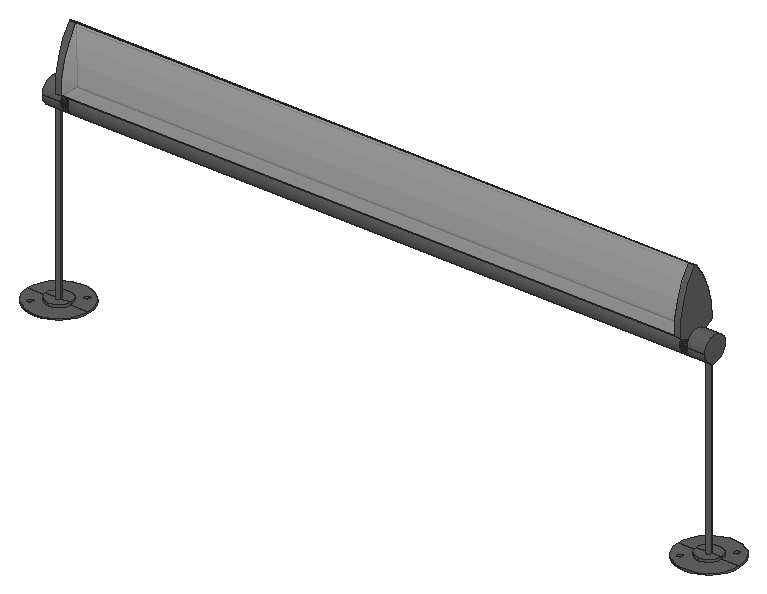
Revit family "PV", category Lighting Fixtures, host Face, Revit 2012
Parameters (values of type "PV - BLK")
  Watt [instance] = 14 W
  Voltage = 120 V
  Is Volt [instance] = Voltage : 120V
  Tilt Angle [instance] = 89.00°  # constant formula
  Pivot calc. [instance] = 179.00° + Pivot Angle + 1.00°  # 269.00°
  Pivot Angle [instance] = Tilt Angle  # 89.00°
  Photometric Web [instance] = PV Model : PV Model
  Load Classification = Lighting
  ARM Length [instance] = 15.000"
  Wattage Comments = "14-55W"  # constant formula
  URL = "http://www.aal.net/"
  Product Page URL = "http://www.aal.net/products/pivot/"
  Product Documentation Link = "http://cdn.aal.net/content/products/specs/specs_files/aal_pv_spec.pdf"
  Model = "PV"  # constant formula
  Manufacturer Phone = "(626)-968-5666"  # constant formula
  Manufacturer Fax = "(626)-369-2695"  # constant formula
  Manufacturer = "Architectural Area Lighting"  # constant formula
  Length [instance] = 49.000"
  Lamp = "LED"  # constant formula
  Glass = Hubbell-Glass-Frosted
  Description = "The Pivot® uses energy efficient fluorescent lamps and electronic ballasts in a small compact luminaire design"  # constant formula
  Default Elevation = 48.000"
  Backbox = Hubbell-Aluminum-Black
  Apparent Load = 0 VA
Types (14): name | ARM Length | Length | Backbox
  (no name) | 15.000" | 49.000" | Hubbell-Aluminum-Black
  PV - ATG | 15.000" | 49.000" | Hubbell-Aluminum-Antique Green
  PV - AWT | 15.000" | 49.000" | Hubbell-Aluminum-Artic White
  PV - BLK | 15.000" | 49.000" | Hubbell-Aluminum-Black
  PV - BRM | 15.000" | 49.000" | Hubbell-Aluminum-Metalic Bronze
  PV - CRT | 15.000" | 49.000" | Hubbell-Aluminum-Corten
  PV - DBZ | 15.000" | 49.000" | Hubbell-Aluminum-Dark Bronze
  PV - DGN | 15.000" | 24.000" | Hubbell-Aluminum-Dark Green
  PV - LGY | 15.000" | 49.000" | Hubbell-Aluminum-Light Grey
  PV - MAL | 15.000" | 49.000" | Hubbell-Aluminum-Matte
  PV - MDG | 11.000" | 36.000" | Hubbell-Aluminum-Medium Grey
  PV - MTB | 15.000" | 49.000" | Hubbell-Aluminum-Matte Black
  PV - VBL | 15.000" | 49.000" | Hubbell-Aluminum-Verde Blue
  PV - WRZ | 15.000" | 96.000" | Hubbell-Aluminum-Weathered Bronze
Reference planes (in)
  plane 1 "Center (Front/Back)": y = 0.03999
  plane 2: z = 0
  plane 3 "Center (Left/Right)": x = 1.66944
  plane 4: x = -22.83056
  plane 5: x = 26.16944
  plane 6: z = 15
  plane 7: x = -24.33056
  plane 8: x = 27.66944
  plane 9: x = -24.83056
  plane 10: x = 28.16944
  plane 11: y = -0.16001
  plane 12: z = 18.25
  plane 13: through (-24.33056, 0.03999, 48) normal (0.7071, -0.7071, 0)
  plane 14: y = -1.22501
  plane 15: through (0, 0.03999, 15) normal (0, 0.0175, -0.9998)
Forms (in)
  Revolve 1, solid, material "Hubbell-Aluminum-Black" <- "Backbox"
    sketch origin (0, 0.03999, 0) x (1, 0, 0) y (0, 0, 1)
      loop
        line (-24.33056, 0) -> (-21.89306, 0) -> (-21.89306, 0.1) -> (-23.33056, 0.1) -> (-23.33056, 0.25) -> (-24.13056, 0.25) -> (-24.13056, 15) -> (-24.33056, 15) -> (-24.33056, 0)
      axis (-24.33056, 15) -> (-24.33056, 0)
    angle from 0 to 360
  Revolve 2, solid, material "Hubbell-Aluminum-Black" <- "Backbox"
    sketch origin (0, 0.03999, 0) x (1, 0, 0) y (0, 0, 1)
      loop
        line (27.66944, 0) -> (27.66944, 15) -> (27.46944, 15) -> (27.46944, 0.25) -> (26.66944, 0.25) -> (26.66944, 0.1) -> (25.23194, 0.1) -> (25.23194, 0) -> (27.66944, 0)
      axis (27.66944, 15) -> (27.66944, 0)
    angle from 0 to 360
  Extrusion 3, solid, material "Hubbell-Aluminum-Black" <- "Backbox"
    sketch origin (1.66944, 0, 0) x (0, 1, 0) y (0, 0, 1)
      loop
        circle (0.03999, 15) r 1
    from 24.5 to 26.5
  Extrusion 4, solid, material "Hubbell-Aluminum-Black" <- "Backbox"
    sketch origin (1.66944, 0, 0) x (0, 1, 0) y (0, 0, 1)
      loop
        circle (0.03999, 15) r 1
    from -26.5 to -24.5
  Extrusion 5, void
    sketch origin (-65.54416, -180, 15) x (0, -1, 0) y (-1, 0, 0)
      loop
        circle (-178.77499, -39.94861) r 0.2
      loop
        circle (-181.30499, -42.47861) r 0.2
    from 14.9 to 15
  Extrusion 6, void
    sketch origin (-65.54416, -180, 15) x (0, -1, 0) y (-1, 0, 0)
      loop
        circle (-178.77499, -91.94861) r 0.2
      loop
        circle (-181.30499, -94.47861) r 0.2
    from 14.9 to 15
Cuts and joins
  Extrusion 5 cuts Revolve 1
  Extrusion 6 cuts Revolve 2
  joined: Revolve 1, Revolve 2, Extrusion 3, Extrusion 4
Lines and regions (in)
  reference lines
    curve 1: line (1.66944, 0.03999, 15) -> (1.66944, -0.008, 17.74958)
Dimensions and locks (in)
  equal spacing: plane 5, plane 3 "Center (Left/Right)", plane 4
  "ARM Length": plane 6 to level
  "Length": plane 5 to plane 4
  locked: plane 7 to plane 4 at 1.5
  equal spacing: plane 7, plane 3 "Center (Left/Right)", plane 8
  locked: Revolve 1 sketch curve to Revolve 1 sketch curve at 0.2
  locked: Revolve 1 sketch curve to Revolve 1 sketch curve at 1
  locked: Revolve 1 sketch curve to Revolve 1 sketch curve at 2.4375
  locked: Revolve 1 sketch curve to Revolve 1 sketch curve at 0.1
  locked: Revolve 1 sketch curve to Revolve 1 sketch curve at 0.25
  locked: plane 8 to Revolve 2 sketch curve at 0.2
  Revolve 2 sketch curve to Revolve 2 sketch curve = 0.100"
  locked: Revolve 2 sketch curve to Revolve 2 sketch curve at 0.25
  locked: Revolve 2 sketch curve to Revolve 2 sketch curve at 1
  locked: Revolve 2 sketch curve to Revolve 2 sketch curve at 2.4375
  locked: plane 9 to plane 7 at 0.5
  equal spacing: plane 9, plane 3 "Center (Left/Right)", plane 10
  locked: plane 1 "Center (Front/Back)" to plane 11 at 0.2
  locked: plane 12 to plane 6 at 3.25
  locked: plane 14 to plane 1 "Center (Front/Back)" at 1.265
  locked: plane 13 to plane 7 (angle 45.00°)
  locked: curve 1 to plane 15 (angle 90.00°)
  "Pivot calc.": angle plane 1 "Center (Front/Back)" to plane 15
  aligned and locked: plane 2 to host face
  aligned and locked: level to host face
  aligned and locked: Revolve 1 sketch curve to Revolve 1 sketch curve
  aligned and locked: Revolve 1 sketch curve to plane 6
  aligned and locked: plane 7 to Revolve 1 sketch curve
  aligned and locked: Revolve 2 sketch curve to plane 8
  aligned and locked: Extrusion 4 sketch curve to Extrusion 3  (x2)
  aligned and locked: plane 10 to Extrusion 3
  aligned and locked: Extrusion 3 to plane 5
  aligned and locked: Extrusion 5 to level
  aligned and locked: cut or joined group of Revolve 1, Revolve 2, Extrusion 3, Extrusion 4, Extrusion 5, Extrusion 6 to Extrusion 5
  aligned and locked: Revolve 1 sketch curve to plane 2
  aligned and locked: Extrusion 6 to plane 2
  aligned and locked: Extrusion 6 to cut or joined group of Revolve 1, Revolve 2, Extrusion 3, Extrusion 4, Extrusion 5, Extrusion 6
  aligned and locked: plane 4 to Extrusion 4
  aligned and locked: plane 9 to Extrusion 4
  aligned and locked: plane 6 to curve 1
  aligned and locked: plane 1 "Center (Front/Back)" to curve 1
  aligned and locked: curve 1 to nested 1
  aligned and locked: nested 1 to plane 15
  aligned and locked: plane 3 "Center (Left/Right)" to nested 1
  aligned and locked: nested 2 to nested 1
Automatic sketch dimensions
  host sketch curve to host sketch curve = 96.000"  (x2)
  Revolve 2 sketch curve to level = 0.000"
  Revolve 2 sketch curve to plane 6 = 0.000"
  Revolve 2 sketch curve to Revolve 2 sketch curve = 0.200"
  Revolve 2 sketch curve to plane 6 = 8.000"
  Revolve 2 sketch curve to level = 15.250"
  Extrusion 3 sketch curve to plane 1 "Center (Front/Back)" = 0.000"
  Extrusion 3 sketch curve to plane 6 = 0.000"
  Extrusion 5 sketch curve to plane 13 = 0.000"  (x2)
  Extrusion 5 sketch curve to plane 14 = 0.000"
  Extrusion 5 sketch curve to plane 4 = 0.235"
  Revolve 1 sketch curve to Revolve 1 sketch curve = 7.500"
  plane 12 to Revolve 1 sketch curve = 4.500"
  Extrusion 6 sketch curve to plane 1 "Center (Front/Back)" = 1.465"
  Extrusion 6 sketch curve to Extrusion 6 sketch curve = 0.200"  (x2)
  plane 5 to Extrusion 6 sketch curve = 0.235"
  plane 11 to Extrusion 6 sketch curve = 0.865"
  plane 10 to Extrusion 6 sketch curve = 0.765"
  radius of Extrusion 3 sketch curve = 1.000"
  radius of Extrusion 5 sketch curve = 0.200"  (x2)
Nested families (in)
  nested 1: "PV Model" at (3.71711, 0.00001, 14.9993) x (1, 0, 0) z (0, -0.0175, 0.9998), Row Length <- "Length", Opal Lens <- "Glass", Backbox <- "Backbox", type "PV Model"
    with Row Length 49.000", Photometric web Web PV : PV-2830D-24, Opal Lens Hubbell-Glass-Frosted, Backbox Hubbell-Aluminum-Black, Array 20
  nested 2: "Web PV" at (1.66944, -0.08024, 18.3846) x (-1, 0, 0) z (0, -0.9998, -0.0175), type "PV-2830D-24"
Connectors (in)
  electrical at (-24.83056, 0.03999, 15), driven by "Load Classification", driven by "Voltage", driven by "Apparent Load"
    settings: on cut or joined group of Revolve 1, Revolve 2, Extrusion 3, Extrusion 4, Extrusion 5, Extrusion 6, index 1, voltage 120 V, apparent load 0 VA, apparent load phase1 0 VA, apparent load phase2 0 VA, apparent load phase3 0 VA, power factor 1, load classification "Lighting", number of poles 1, system type 30, power factor state 1, is connector primary yes, connector utility no, sub classification motor no, connector description "Electrical Connector"
Definition of nested family "PV Model"
  Parameters (values of type "PV Model")
    Wattage Comments = ""
    URL = "http://www.aleralighting.com/"
    Row Length [instance] = 96.000"
    Product Page URL = ""
    Product Documentation Link = ""
    Photometric web [instance] = Web PV : PV-2830D-24
    Model = ""
    Manufacturer Phone = "(864)-678-1000"  # constant formula
    Manufacturer Fax = "(866)-898-1065"  # constant formula
    Manufacturer = "Alera Lighting"  # constant formula
    Opal Lens [instance] = White Glass
    Lamp = ""
    Description = ""
    Default Elevation = 48.000"
    Backbox [instance] = White
    Array [instance] = Row Length / 2.39844"  # 40
  Reference planes (in)
    plane 1 "Center (Front/Back)": y = 0.03999
    plane 2: z = 0
    plane 3 "Center (Left/Right)": x = -2.04767
    plane 4: x = -50.04767
    plane 5: x = 45.95233
    plane 6: x = -50.54767
    plane 7: x = 46.45233
    plane 8: y = 1.58999
    plane 9: y = -1.51001
    plane 10: z = 5.5
    plane 11: x = -48.54767
    plane 12: x = 44.45233
    plane 13: x = -48.04767
    plane 14: x = -47.94611
    plane 15: x = 43.95233
    plane 16: y = -0.16001
    plane 17: z = 3
  Forms (in)
    Extrusion 1, solid
      sketch origin (0, 0, 0.06357) x (1, 0, 0) y (0, 1, 0)
        loop
          line (-52.04767, 48) -> (-52.04767, -48) -> (47.95233, -48) -> (47.95233, 48) -> (-52.04767, 48)
      from -0.06357 to -6.06357
    Extrusion 2, solid, material "White" <- "Backbox"
      sketch origin (-2.04767, 0, 0) x (0, 1, 0) y (0, 0, 1)
        loop
          line (0.89594, 0.51705) -> (1.58999, 0.91776)
          arc (1.58999, 0.91776) -> (1.2527, 3.34117) -> (0.10113, 5.5) r 6.99236
          line (0.10113, 5.5) -> (0.03999, 5.5) -> (-0.02115, 5.5) -> (-0.02115, 0.91776) -> (-1.51001, 0.91776) -> (-0.81596, 0.51705)
          arc (-0.81596, 0.51705) -> (0.03999, -1) -> (0.89594, 0.51705) r 1
      from -48.5 to 48.5
    Extrusion 3, solid, material "White" <- "Backbox"
      sketch origin (-2.04767, 0, 0) x (0, 1, 0) y (0, 0, 1)
        loop
          line (0.10113, 5.5) -> (0.03999, 5.5) -> (-0.02115, 5.5)
          arc (-0.02115, 5.5) -> (-1.17271, 3.34117) -> (-1.51001, 0.91776) r 6.99236
          line (-1.51001, 0.91776) -> (-0.81596, 0.51705)
          arc (-0.81596, 0.51705) -> (0.03999, -1) -> (0.89594, 0.51705) r 1
          line (0.89594, 0.51705) -> (1.58999, 0.91776)
          arc (1.58999, 0.91776) -> (1.2527, 3.34117) -> (0.10113, 5.5) r 6.99236
      from 48.5 to 48
    Extrusion 4, solid, material "White" <- "Backbox"
      sketch origin (-2.04767, 0, 0) x (0, 1, 0) y (0, 0, 1)
        loop
          line (-1.51001, 0.91776) -> (-0.81596, 0.51705)
          arc (-0.81596, 0.51705) -> (0.03999, -1) -> (0.89594, 0.51705) r 1
          line (0.89594, 0.51705) -> (1.58999, 0.91776)
          arc (1.58999, 0.91776) -> (1.2527, 3.34117) -> (0.10113, 5.5) r 6.99236
          line (0.10113, 5.5) -> (0.03999, 5.5) -> (-0.02115, 5.5)
          arc (-0.02115, 5.5) -> (-1.17271, 3.34117) -> (-1.51001, 0.91776) r 6.99236
      from -48 to -48.5
    Extrusion 5, solid, material "White Glass" <- "Opal Lens"
      sketch origin (-2.04767, 0, 0) x (0, 1, 0) y (0, 0, 1)
        loop
          arc (-0.02115, 5.5) -> (-1.17271, 3.34117) -> (-1.51001, 0.91776) r 6.99236
          line (-1.51001, 0.91776) -> (-1.40994, 0.91776)
          arc (-1.40994, 0.91776) -> (-1.09779, 3.24712) -> (-0.02115, 5.33618) r 6.89236
          line (-0.02115, 5.33618) -> (-0.02115, 5.5)
      from -48 to 48
  Cuts and joins
    joined: Extrusion 2, Extrusion 3, Extrusion 4
  Lines and regions (in)
    reference lines
      curve 1: line (-2.04767, 0.03999, 8.75) -> (-2.04767, 0.03999, -3)
      curve 2: line (-2.04767, 7.78999, 0) -> (-2.04767, -5.96001, 0)
  Dimensions and locks (in)
    equal spacing: plane 5, plane 3 "Center (Left/Right)", plane 4
    locked: plane 4 to plane 6 at 0.5
    "Row Length": plane 5 to plane 4
    equal spacing: plane 7, plane 3 "Center (Left/Right)", plane 6
    locked: plane 6 to plane 11 at 2
    Extrusion 1 sketch curve to plane 3 "Center (Left/Right)" to Extrusion 1 sketch curve = 50.000", 50.000"
    locked: plane 12 to plane 7 at 2
    locked: plane 11 to plane 13 at 0.5
    locked: plane 13 to plane 14 at 0.10156
    locked: plane 15 to plane 12 at 0.5
    locked: curve 2 to plane 10 at 5.5
    locked: plane 8 to curve 1 at 1.55
    locked: plane 8 to plane 9 at 3.1
    locked: plane 1 "Center (Front/Back)" to plane 16 at 0.2
    locked: plane 10 to plane 17 at 2.5
    plane 10 to plane 17 = 2.500"
    aligned and locked: plane 2 to Extrusion 1
    aligned and locked: level to Extrusion 1
    aligned and locked: Extrusion 2 to plane 6
    aligned and locked: plane 7 to Extrusion 2
    aligned and locked: Extrusion 3 sketch curve to Extrusion 2  (x5)
    aligned and locked: plane 5 to Extrusion 3
    aligned and locked: Extrusion 3 to plane 7
    aligned and locked: Extrusion 4 to plane 4
    aligned and locked: plane 6 to Extrusion 4
    aligned and locked: Extrusion 5 sketch curve to cut or joined group of Extrusion 2, Extrusion 3, Extrusion 4  (x2)
    aligned and locked: Extrusion 3 sketch curve to cut or joined group of Extrusion 2, Extrusion 3, Extrusion 4
    aligned and locked: Extrusion 5 to plane 4
    aligned and locked: plane 5 to Extrusion 5
  Automatic sketch dimensions
    Extrusion 1 sketch curve to Extrusion 1 sketch curve = 96.000"
    Extrusion 2 sketch curve to plane 9 = 0.000"
    Extrusion 2 sketch curve to plane 1 "Center (Front/Back)" = 0.000"  (x2)
    Extrusion 2 sketch curve to plane 8 = 0.000"
    level to Extrusion 2 sketch curve = 1.18041"
    Extrusion 2 sketch curve to plane 9 = 0.69405"
    Extrusion 2 sketch curve to Extrusion 2 sketch curve = 0.06114"
    level to Extrusion 2 sketch curve = 0.51705"
    Extrusion 2 sketch curve to plane 10 = 0.000"
    plane 1 "Center (Front/Back)" to Extrusion 2 sketch curve = 0.06114"
    Extrusion 2 sketch curve to Extrusion 2 sketch curve = 0.40071"
    Extrusion 3 sketch curve to plane 1 "Center (Front/Back)" = 0.000"
    level to Extrusion 3 sketch curve = 1.18041"
    Extrusion 3 sketch curve to plane 9 = 0.000"
    Extrusion 3 sketch curve to Extrusion 3 sketch curve = 0.06114"
    Extrusion 5 sketch curve to Extrusion 5 sketch curve = 0.000"  (x2)
    Extrusion 5 sketch curve to plane 9 = 0.10007"
    Extrusion 5 sketch curve to plane 9 = 0.000"
    Extrusion 4 sketch curve to level = 0.000"
    Extrusion 4 sketch curve to plane 1 "Center (Front/Back)" = 0.000"  (x2)
    level to Extrusion 4 sketch curve = 0.51705"  (x2)
    Extrusion 4 sketch curve to Extrusion 4 sketch curve = 0.000"
    Extrusion 2 sketch curve to level = 0.000"
    Extrusion 4 sketch curve to plane 10 = 0.000"
    Extrusion 4 sketch curve to plane 8 = 0.000"
    plane 1 "Center (Front/Back)" to Extrusion 4 sketch curve = 0.06114"
    Extrusion 4 sketch curve to plane 9 = 0.69405"
    Extrusion 4 sketch curve to plane 9 = 0.000"
    level to Extrusion 4 sketch curve = 1.18041"  (x2)
    plane 9 to Extrusion 4 sketch curve = 3.88743"
    Extrusion 4 sketch curve to Extrusion 4 sketch curve = 0.06114"
    Extrusion 4 sketch curve to Extrusion 4 sketch curve = 3.88743"
    Extrusion 2 sketch curve to Extrusion 2 sketch curve = 3.88743"
    Extrusion 2 sketch curve to Extrusion 2 sketch curve = 0.69405"
    plane 9 to curve 2 = 4.450"
    curve 2 to plane 8 = 6.200"
    curve 1 to level = 3.000"
    plane 10 to curve 1 = 3.250"
Definition of nested family "Web PV"
  Parameters (values of type "PVT8-96")
    Wattage = 80 W
    built-in parameter 1150110 = 1 (stored number, unit not read)
    built-in parameter 1114217 = 1 (stored number, unit not read)
    Tilt Angle = 180.00°
    built-in parameter 1150109 = 1 (stored number, unit not read)
    built-in parameter 1150134 = 3
    built-in parameter 1150113 = 1 (stored number, unit not read)
    Photometric Web File = "PVT8-96.IES"
    built-in parameter 1150105 = 1369.3 (stored number, unit not read)
    Lumens = 3068.8 lm
    built-in parameter 1150115 = 1 (stored number, unit not read)
    built-in parameter 1150137 = (empty or 0)
    built-in parameter 1150139 = (empty or 0)
    built-in parameter 1150112 = 1 (stored number, unit not read)
    built-in parameter 1150114 = 1 (stored number, unit not read)
    built-in parameter 1150132 = 1
    built-in parameter 1150102 = (empty or 0)
    built-in parameter 1150107 = 3200 (stored number, unit not read)
    built-in parameter 1150138 = (empty or 0)
    built-in parameter 1150106 = 13.693 (stored number, unit not read)
    Emit from Rectangle Width = 3.000"  # constant formula
    Emit from Rectangle Length = 90.000"
    Emit Shape Visible in Rendering = no
    built-in parameter 1150104 = 3.5638 (stored number, unit not read)
    Dimming Lamp Color Temperature Shift = (empty or 0)
    Default Elevation = 48.000"
    Color Filter = 16777215
    built-in parameter 1114218 = 1 (stored number, unit not read)
    built-in parameter 1150133 = 10 (stored number, unit not read)
  Types (20): name | Wattage | Photometric Web File | built-in parameter 1150105 | Lumens | built-in parameter 1150106 | Emit from Rectangle Length
    PV-2830D-24 | 40 W | "PV-2830D-24.ies" | 122.1 (stored number, unit not read) | 1534.4 lm | 1.221 (stored number, unit not read) | 20.000"
    PV-2840D-24 | 116 W | "PV-2840D-24.IES" | 354.1 (stored number, unit not read) | 4449.76 lm | 3.541 (stored number, unit not read) | 20.000"
    PV-2850D-24 | 116 W | "PV-2850D-24.IES" | 354.1 (stored number, unit not read) | 4449.76 lm | 3.541 (stored number, unit not read) | 20.000"
    PV-5330D-24 | 116 W | "PV-5330D-24.ies" | 354.1 (stored number, unit not read) | 4449.76 lm | 3.541 (stored number, unit not read) | 20.000"
    PV-5340D-24 | 116 W | "PV-5340D-24.IES" | 354.1 (stored number, unit not read) | 4449.76 lm | 3.541 (stored number, unit not read) | 20.000"
    PV-5350D-24 | 116 W | "PV-5350D-24.IES" | 354.1 (stored number, unit not read) | 4449.76 lm | 3.541 (stored number, unit not read) | 20.000"
    PVPLL-24-40W | 40 W | "PVPLL-24-40W.IES" | 122.1 (stored number, unit not read) | 1534.4 lm | 1.221 (stored number, unit not read) | 20.000"
    PVPLL-24-50W | 50 W | "PVPLL-24-50W.IES" | 152.63 (stored number, unit not read) | 1918 lm | 1.5263 (stored number, unit not read) | 20.000"
    PVPLL-24-55W | 55 W | "PVPLL-24-55W.IES" | 167.89 (stored number, unit not read) | 2109.8 lm | 1.6789 (stored number, unit not read) | 20.000"
    PVPLL-48-(2)40W | 40 W | "PVPLL-48-(2)40W.IES" | 246.14 (stored number, unit not read) | 1534.4 lm | 2.4614 (stored number, unit not read) | 44.000"
    PVPLL-48-(2)50W | 50 W | "PVPLL-48-(2)50W.IES" | 755.02 (stored number, unit not read) | 1918 lm | 7.5502 (stored number, unit not read) | 44.000"
    PVPLL-48-(2)55W | 55 W | "PVPLL-48-(2)55W.IES" | 545.03 (stored number, unit not read) | 2109.8 lm | 5.4503 (stored number, unit not read) | 44.000"
    PVSC-13 | 55 W | "PVSC-13.IES" | 545.03 (stored number, unit not read) | 2109.8 lm | 5.4503 (stored number, unit not read) | 44.000"
    PVSC-18 | 55 W | "PVSC-18.IES" | 545.03 (stored number, unit not read) | 2109.8 lm | 5.4503 (stored number, unit not read) | 44.000"
    PVT5HO-48-24W | 24 W | "PVT5HO-48-24W.IES" | 256.17 (stored number, unit not read) | 920.64 lm | 2.5617 (stored number, unit not read) | 44.000"
    PVT5HO-48-40W | 40 W | "PVT5HO-48-40W.IES" | 1741 (stored number, unit not read) | 1534.4 lm | 17.41 (stored number, unit not read) | 44.000"
    PVT5HO-48-54W | 54 W | "PVT5HO-48-54W.IES" | 924.28 (stored number, unit not read) | 2071.44 lm | 9.2428 (stored number, unit not read) | 44.000"
    PVT5HO-48-80W | 80 W | "PVT5HO-48-80W.IES" | 1369.3 (stored number, unit not read) | 3068.8 lm | 13.693 (stored number, unit not read) | 44.000"
    PVT8-48 | 80 W | "PVT8-48.IES" | 1369.3 (stored number, unit not read) | 3068.8 lm | 13.693 (stored number, unit not read) | 44.000"
    PVT8-96 | 80 W | "PVT8-96.IES" | 1369.3 (stored number, unit not read) | 3068.8 lm | 13.693 (stored number, unit not read) | 90.000"
  Reference planes (in)
    plane 1 "Center (Front/Back)": y = 0
    plane 2: z = 0
    plane 3 "Center (Left/Right)": x = 0
  Forms (in)
    Extrusion 1, solid
      sketch origin (0, 0, 0) x (1, 0, 0) y (0, 1, 0)
        loop
          line (-48, 48) -> (-48, -48) -> (48, -48) -> (48, 48) -> (-48, 48)
      from 0 to -6
  Lines and regions (in)
    reference lines
      curve 1: line (0, 0, 43) -> (0, 0, -22)
      curve 2: line (-51, 0, 0) -> (54, 0, 0)
  Dimensions and locks (in)
    aligned and locked: plane 2 to Extrusion 1
    aligned and locked: level to Extrusion 1
    aligned and locked: plane 3 "Center (Left/Right)" to imposter light
    aligned and locked: Extrusion 1 to imposter light
    aligned and locked: curve 1 to plane 1 "Center (Front/Back)"
    aligned and locked: curve 2 to plane 2
